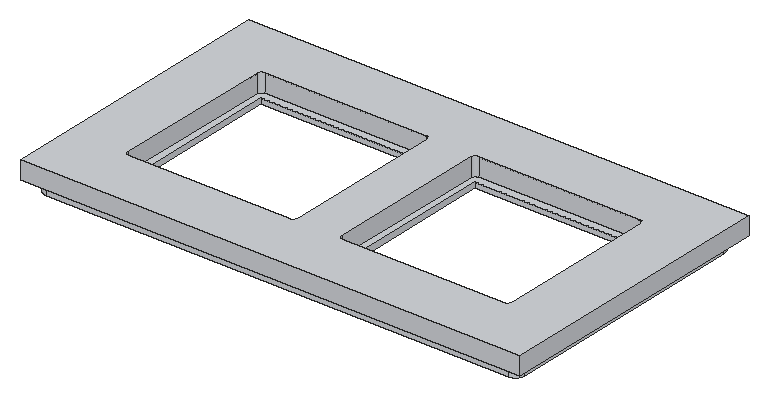
Revit family "Gira_021218", category Electrical Fixtures, host Face, Revit 2017
Family settings
  Host = Face
  Maintain Annotation Orientation = No
  Round Connector Dimension = Use Diameter
  Part Type = Normal
  Cut with Voids When Loaded = No
  Shared = No
  Room Calculation Point = No
Parameters (values of type "Abdeckrahmen 2f Gira Esprit G Mint")
  Werkstoffgüte = "Echtglas"
  Werkstoff = "Glas"
  URL = "http://katalog.gira.de/de_DE/datenblatt.html?artikelnr=021218"
  Transparent = "No"
  Textfeld/Beschriftungsfläche = "No"
  Schutzart (IP) = "IP21"
  Region = "DE"
  Oberfläche = "sonstige"
  Name = "Abdeckrahmen 2f Gira Esprit G Mint"
  Montagerichtung = "horizontal und vertikal"
  Mit Montagerahmen = "No"
  Mit Klappdeckel = "No"
  Manufacturer URL = "https://www.gira.de/"
  Keynote = "Espr._Rahmen_2fach"
  HeinzeBIM = "https://bimportal.heinze.de/bim/abdeckrahmen-2f-gira-esprit-g-mint/be29f6bb88cbeddad97b0fbc6dd5e66bc958c18a"
  Halogenfrei = "No"
  HAN = "021218"
  Geeignet für Unterputz-Installation = "Yes"
  Geeignet für Unterflurkanaldose = "No"
  Geeignet für Geräteeinbaukanal = "No"
  Geeignet für Einbauinstallation = "Yes"
  GTIN = "4010337212188"
  Farbe = "grün"
  Default Elevation = 1219.2 mm
  Data sheet (1) = "https://katalog.gira.de/de_DE/download.html?artikelnr=021218"
  Category = "Abdeckrahmen"
  Befestigungsart = "Klemmbefestigung"
  Available = "Yes"
  Anzahl der Einheiten vertikal = "2 "
  Anzahl der Einheiten horizontal = "2 "
  Anzahl der Einheiten = "2 "
Reference planes
  plane 1 "Center (Front/Back)": y = 0
  plane 2: z = 0
  plane 3 "Center (Left/Right)": x = 0
Forms (mm)
  Extrusion 1, solid, detail levels fine
    sketch origin (0, 0, 0) x (1, 0, 0) y (0, 1, 0)
      loop
        line (-83, 47.5) -> (-83, -47.5) -> (83, -47.5) -> (83, 47.5) -> (-83, 47.5)
      loop
        arc (-63.75, -26.7) -> (-63.311, -27.761) -> (-62.25, -28.2) r 1.5
        line (-62.25, -28.2) -> (-8.85, -28.2)
        arc (-8.85, -28.2) -> (-7.789, -27.761) -> (-7.35, -26.7) r 1.5
        line (-7.35, -26.7) -> (-7.35, 26.7)
        arc (-7.35, 26.7) -> (-7.789, 27.761) -> (-8.85, 28.2) r 1.5
        line (-8.85, 28.2) -> (-62.25, 28.2)
        arc (-62.25, 28.2) -> (-63.311, 27.761) -> (-63.75, 26.7) r 1.5
        line (-63.75, 26.7) -> (-63.75, -26.7)
      loop
        line (63.75, -26.7) -> (63.75, 26.7)
        arc (63.75, 26.7) -> (63.311, 27.761) -> (62.25, 28.2) r 1.5
        line (62.25, 28.2) -> (8.85, 28.2)
        arc (8.85, 28.2) -> (7.789, 27.761) -> (7.35, 26.7) r 1.5
        line (7.35, 26.7) -> (7.35, -26.7)
        arc (7.35, -26.7) -> (7.789, -27.761) -> (8.85, -28.2) r 1.5
        line (8.85, -28.2) -> (62.25, -28.2)
        arc (62.25, -28.2) -> (63.311, -27.761) -> (63.75, -26.7) r 1.5
    from 0 to 6
  Extrusion 2, solid, detail levels fine
    sketch origin (0, 0, 0) x (1, 0, 0) y (0, 1, 0)
      loop
        line (-61.45, -25.7) -> (-9.65, -25.7) -> (-9.65, 25.7) -> (-61.45, 25.7) -> (-61.45, -25.7)
      loop
        line (61.45, 25.7) -> (9.65, 25.7) -> (9.65, -25.7) -> (61.45, -25.7) -> (61.45, 25.7)
      loop
        arc (-78.454, -41.3) -> (-77.927, -42.573) -> (-76.654, -43.1) r 1.8
        line (-76.654, -43.1) -> (76.654, -43.1)
        arc (76.654, -43.1) -> (77.927, -42.573) -> (78.454, -41.3) r 1.8
        line (78.454, -41.3) -> (78.454, 41.3)
        arc (78.454, 41.3) -> (77.927, 42.573) -> (76.654, 43.1) r 1.8
        line (76.654, 43.1) -> (-76.654, 43.1)
        arc (-76.654, 43.1) -> (-77.927, 42.573) -> (-78.454, 41.3) r 1.8
        line (-78.454, 41.3) -> (-78.454, -41.3)
    from -1.9 to 0
  Extrusion 3, solid, detail levels fine
    sketch origin (0, 0, 0) x (1, 0, 0) y (0, 1, 0)
      loop
        arc (-76.75, 44.4) -> (-78.871, 43.521) -> (-79.75, 41.4) r 3
        line (-79.75, 41.4) -> (-79.75, -41.4)
        arc (-79.75, -41.4) -> (-78.871, -43.521) -> (-76.75, -44.4) r 3
        line (-76.75, -44.4) -> (76.75, -44.4)
        arc (76.75, -44.4) -> (78.871, -43.521) -> (79.75, -41.4) r 3
        line (79.75, -41.4) -> (79.75, 41.4)
        arc (79.75, 41.4) -> (78.871, 43.521) -> (76.75, 44.4) r 3
        line (76.75, 44.4) -> (-76.75, 44.4)
      loop
        arc (-78.55, -41.4) -> (-78.023, -42.673) -> (-76.75, -43.2) r 1.8
        line (-76.75, -43.2) -> (76.75, -43.2)
        arc (76.75, -43.2) -> (78.023, -42.673) -> (78.55, -41.4) r 1.8
        line (78.55, -41.4) -> (78.55, 41.4)
        arc (78.55, 41.4) -> (78.023, 42.673) -> (76.75, 43.2) r 1.8
        line (76.75, 43.2) -> (-76.75, 43.2)
        arc (-76.75, 43.2) -> (-78.023, 42.673) -> (-78.55, 41.4) r 1.8
        line (-78.55, 41.4) -> (-78.55, -41.4)
    from -3.7 to 0
  Extrusion 4, solid, detail levels medium
    sketch origin (0, 0, 0) x (1, 0, 0) y (0, 1, 0)
      loop
        line (-83, 47.5) -> (-83, -47.5) -> (83, -47.5) -> (83, 47.5) -> (-83, 47.5)
    from 0 to 6
  Extrusion 5, solid, detail levels medium
    sketch origin (0, 0, 0) x (1, 0, 0) y (0, 1, 0)
      loop
        line (-79.75, 44.4) -> (-79.75, -44.4) -> (79.75, -44.4) -> (79.75, 44.4) -> (-79.75, 44.4)
    from -3.7 to 0
  Extrusion 6, solid, detail levels coarse
    sketch origin (0, 0, 0) x (1, 0, 0) y (0, 1, 0)
      loop
        line (-83, 47.5) -> (-83, -47.5) -> (83, -47.5) -> (83, 47.5) -> (-83, 47.5)
    from -3.7 to 6
Dimensions and locks
  aligned and locked: plane 2 to host face
  aligned and locked: level to host face
